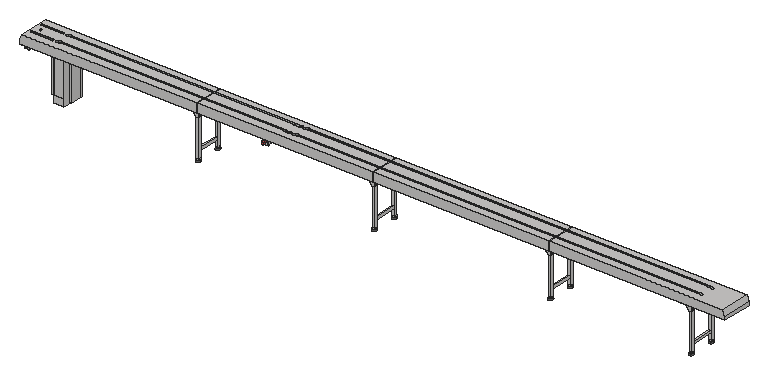
Revit family "QF_BPRO_RSPV 12,0_383735", category Sonderausstattung, Revit 2018
Family settings
  Bemaßung runder Anschluss = Durchmesser verwenden
  Teiletyp = Normal
  Arbeitsebenenbasiert = Nein
  Immer vertikal = Ja
  Beim Laden mit Abzugskörper schneiden = Nein
  Gemeinsam genutzt = Nein
  Raumberechnungspunkt = Ja
Parameters (values of type "RSPV 12,0")
  Zuleitung zum Gerät im Lieferumfang = yes
  Zubehör = yes
  Warnhinweise = ""
  URL = "https://www.bpro-solutions.com/"
  Typenkommentare = "Portionier-Rundriemenband 12 m lang"
  Tiefe = 500 mm
  Stecker System = ""
  Spannung = 400 V
  Serviceintervalle = ""
  Schalldruckpegel = "ca. 36 dB(A)"
  Modell = "RSPV 12,0"
  Material = QF_Metal-Stainless-Steel_general
  Länge Gerätebreite = 12000 mm
  Kosten = 0
  Inventarnummer [instance] = ""
  Internetadresse für Ersatzteilliste = "https://www.bpro-solutions.com/de/service/service.cfm?language=de"
  Internetadresse Gerätehersteller = "https://www.bpro-solutions.com/"
  ID [instance] = ""
  Höhe = 900 mm
  Hersteller = "B.PRO GmbH"
  Hauptschalter integriert = yes
  Großküchengerätezuordnung = yes
  Gerätegewicht Netto = 0.00 kg
  Garantiezeit = ""
  Frequenz = 50 Hz
  Freiraum [instance] = no
  Elektrische leistung = 320 W
  CE Kennzeichnung = yes
  Beschreibung durch Nutzer = ""
  Beschreibung durch Hersteller analog Leistungsverzeichnislangtext = "Abmessungen\n\nLänge: 12.000 mm\nBreite: 500 mm\nHöhe: 900 mm\n\nAusführung\n\nDas Rundriemenband ist als selbsttragende, stabile und \nverwindungsfreie Konstruktion komplett in Chromnickel-\nstahl 18/10 ausgeführt. Die Abstützung des Förderti¬sches\nbefindet sich ca. alle 2500 mm in Form von höhenverstell-\nbaren Vierkantrohrfüße 40/40 mm. Die Materialstärke des \nBandkörpers ist 1,5 mm.\nDie Bandkorpusteile sind durch Schraubstoß/Stecknaht ver-\nbunden. Der Antrieb erfolgt über zwei Trommelmotoren, die\nim Bandkorpus eingebaut sind. Die Umlenkrollen aus CNS 18/10\nwerden in einer Spannstation gehalten. Die Rundriemenführ-\nung im Unterbau ist frei zugängig und wird durch kugel-\ngelagerte Kunststoffrollen geführt. Die Rundriemen haben\neinen Durchmesser von 15 mm, Material PU, in hochverschleiß-\nfester lebensmittelbeständiger Qualität. Der Rundriemen-\nabstand zueinander ist 220 mm.\nDer Sensor-Endschalter befindet sich am Bandende. Am Band-\nanfang und am Bandende ist jeweils ein Not-Aus-Taster\nangebracht. Der Antrieb ist stufenlos regelbar von 2,5 - 12 m/min. \nDie Steuerung ist einschließlich des Motorschutzschalters in\neinem Schaltschrank aus CNS 18/10 im Unterbau eingebaut.\nDie Verdrahtung wird nach VDE-Richtlinien durchgeführt. \nIn Verbindung mit Steckdosen ist ein FI-Schutzschalter\nobligatorisch.\nEinfachste Reinigung durch Anheben der Rundriemen ist möglich.\n\nZubehör/ Optionen\n\n•\tSchukosteckdose 230V\n•\tCCE-Steckdose 230 V\n•\tCCE-Steckdose 400 V\n•\tKabelkanal (beidseitig)\n•\tzusätzlicher EIN/ AUS – Taster\n•\tFußschalter mit Trenntrafo (EIN/ AUS)\n•\tbeidseitiges Stoßschutzprofil\n•\tSchwenktisch für Patientenkarten (max. Beladung: 5 kg)\n•\tKlapptisch\n\nTechnische Daten\n\nWerkstoff:\tCNS 18/10\n\tRundriemen - PU\nAbstützung:\talle 2500 mm\nAbstand der Rundriemen:\t220 mm\nDurchmesser Rundriemen:\t15 mm\nAntriebregelung:\t2,5 – 12 m/min\nElektr. Anschluß:\t400 V/ 3NPE\nElektr. Anschluß Trommelmotor:\t230 V/50 Hz/ 0,32 kW\nNormen: Schutzart IP X5 nach DIN 40050; CE-konform; \nSteckdosen IP X4\nEmissionen: Der arbeitsplatz-bezogene Schallpegel des Geräts \nist kleiner als 70 dB(A)\n\nBesonderheit\n•\tWartungsfreier Trommelmotor\n\nFabrikat\n\nHersteller: \tB.PRO\nModell:                                 RSPV\nBest.Nr.:                               383 735"
  Beschreibung durch Hersteller analog Leistungsverzeichniskurztext = "Abmessungen\n\nLänge: 12.000 mm\nBreite: 500 mm\nHöhe: 900 mm\n\nAusführung\n\nDas Rundriemenband ist als selbsttragende, stabile und \nverwindungsfreie Konstruktion komplett in Chromnickel-\nstahl 18/10 ausgeführt. Die Abstützung des Förderti¬sches\nbefindet sich ca. alle 2500 mm in Form von höhenverstell-\nbaren Vierkantrohrfüße 40/40 mm. Die Materialstärke des \nBandkörpers ist 1,5 mm.\nDie Bandkorpusteile sind durch Schraubstoß/Stecknaht ver-\nbunden. Der Antrieb erfolgt über zwei Trommelmotoren, die\nim Bandkorpus eingebaut sind. Die Umlenkrollen aus CNS 18/10\nwerden in einer Spannstation gehalten. Die Rundriemenführ-\nung im Unterbau ist frei zugängig und wird durch kugel-\ngelagerte Kunststoffrollen geführt. Die Rundriemen haben\neinen Durchmesser von 15 mm, Material PU, in hochverschleiß-\nfester lebensmittelbeständiger Qualität. Der Rundriemen-\nabstand zueinander ist 220 mm.\nDer Sensor-Endschalter befindet sich am Bandende. Am Band-\nanfang und am Bandende ist jeweils ein Not-Aus-Taster\nangebracht. Der Antrieb ist stufenlos regelbar von 2,5 - 12 m/min. \nDie Steuerung ist einschließlich des Motorschutzschalters in\neinem Schaltschrank aus CNS 18/10 im Unterbau eingebaut.\nDie Verdrahtung wird nach VDE-Richtlinien durchgeführt. \nIn Verbindung mit Steckdosen ist ein FI-Schutzschalter\nobligatorisch.\nEinfachste Reinigung durch Anheben der Rundriemen ist möglich.\n\nZubehör/ Optionen\n\n•\tSchukosteckdose 230V\n•\tCCE-Steckdose 230 V\n•\tCCE-Steckdose 400 V\n•\tKabelkanal (beidseitig)\n•\tzusätzlicher EIN/ AUS – Taster\n•\tFußschalter mit Trenntrafo (EIN/ AUS)\n•\tbeidseitiges Stoßschutzprofil\n•\tSchwenktisch für Patientenkarten (max. Beladung: 5 kg)\n•\tKlapptisch\n\nTechnische Daten\n\nWerkstoff:\tCNS 18/10\n\tRundriemen - PU\nAbstützung:\talle 2500 mm\nAbstand der Rundriemen:\t220 mm\nDurchmesser Rundriemen:\t15 mm\nAntriebregelung:\t2,5 – 12 m/min\nElektr. Anschluß:\t400 V/ 3NPE\nElektr. Anschluß Trommelmotor:\t230 V/50 Hz/ 0,32 kW\nNormen: Schutzart IP X5 nach DIN 40050; CE-konform; \nSteckdosen IP X4\nEmissionen: Der arbeitsplatz-bezogene Schallpegel des Geräts \nist kleiner als 70 dB(A)\n\nBesonderheit\n•\tWartungsfreier Trommelmotor\n\nFabrikat\n\nHersteller: \tB.PRO\nModell:                                 RSPV\nBest.Nr.:                               383 735"
  Beschreibung = "Rundriemenband zur Tablettportionierung"
  Artikel Nummer = "383735"
Reference planes
  plane 1 "Mitte (Vorne/hinten)": y = 0
  plane 2: z = 0
  plane 3 "Vorne": x = 0
  plane 4 "Rechts": y = -250
  plane 5 "Hinten": x = 12000
  plane 6: x = 3000
  plane 7 "Mitte (Links/Rechts)": x = 6000
  plane 8: x = 9000
  plane 9 "Links": y = 250
  plane 10 "Oben": z = 900
  plane 11: z = 750
  plane 12: z = 804.6
  plane 13 "Band Links": y = 110
  plane 14 "Band Rechts": y = -110
  plane 15: x = 4500
  plane 16 "OK Führung": z = 915
  plane 17: x = 11220
  plane 18: x = 4140
  plane 19: x = 32.5
  plane 20: x = 150
  plane 21 "Knopf_Vorlauf": y = -170
  plane 22 "Knopf Rücklauf": y = -130
  plane 23: z = 852.3
  plane 24: x = 542
  plane 25: x = 4414
  plane 26: x = 4581.75
  plane 27: x = 11458.75
  plane 28 "BandrollenAchse_Höhe": z = 835.5
Forms (mm)
  Extrusion 1, solid, material "QF_Metal-Stainless-Steel_general" <- "Material"
    sketch origin (0, -122.2, 0) x (0, 0, 1) y (1, 0, 0)
      loop
        line (750, 0) -> (804.6, 0) -> (900, 30.997) -> (900, 3000) -> (750, 3000) -> (750, 0)
    from -127.8 to 372.2
  Extrusion 2, solid, material "QF_Metal-Stainless-Steel_general" <- "Material"
    sketch origin (12000, -122.2, 0) x (0, 0, 1) y (1, 0, 0)
      loop
        line (750, 0) -> (750, -3000) -> (900, -3000) -> (900, -30.997) -> (804.6, 0) -> (750, 0)
    from -127.8 to 372.2
  Extrusion 3, solid, material "QF_Metal-Stainless-Steel_general" <- "Material"
    sketch origin (0, -122.2, 0) x (0, 0, 1) y (1, 0, 0)
      loop
        line (900, 9000) -> (750, 9000) -> (750, 6000) -> (900, 6000) -> (900, 9000)
    from -127.8 to 372.2
  Extrusion 4, solid, material "QF_Metal-Stainless-Steel_general" <- "Material"
    sketch origin (0, -122.2, 0) x (0, 0, 1) y (1, 0, 0)
      loop
        line (900, 6000) -> (750, 6000) -> (750, 3000) -> (900, 3000) -> (900, 6000)
    from -127.8 to 372.2
  Extrusion 5, solid, material "QF_Metal-Stainless-Steel_general" <- "Material"
    sketch origin (205.598, 0, 0) x (1, 0, 0) y (0, 1, 0)
      loop
        line (313.602, 187.5) -> (313.602, -187.5) -> (493.602, -187.5) -> (493.602, 187.5) -> (313.602, 187.5)
    from 0 to 130
  Extrusion 6, solid, material "QF_Metal-Stainless-Steel_general" <- "Material"
    sketch origin (205.598, 0, 0) x (1, 0, 0) y (0, 1, 0)
      loop
        line (313.602, 190) -> (313.602, -190) -> (493.602, -190) -> (493.602, 190) -> (313.602, 190)
    from 130 to 730
  Extrusion 7, solid, material "QF_Metal-Stainless-Steel_general" <- "Material"
    sketch origin (205.598, 0, 0) x (1, 0, 0) y (0, 1, 0)
      loop
        line (538.202, -92.25) -> (538.202, 92.25) -> (493.602, 92.25) -> (493.602, -92.25) -> (538.202, -92.25)
    from 40 to 650
  Extrusion 8, solid, material "QF_Metal-Stainless-Steel_general" <- "Material"
    sketch origin (205.598, 0, 0) x (1, 0, 0) y (0, 1, 0)
      loop
        line (313.602, 190) -> (284.402, 190) -> (284.402, -190) -> (313.602, -190) -> (313.602, 190)
    from 130 to 730
  Extrusion 9, solid, material "QF_Metal-Stainless-Steel_general" <- "Material"
    sketch origin (205.598, 0, 0) x (1, 0, 0) y (0, 1, 0)
      loop
        line (310.102, 191.5) -> (310.102, -191.5) -> (497.102, -191.5) -> (497.102, 191.5) -> (310.102, 191.5)
    from 730 to 750
  Extrusion 10, solid, material "QF_Plastic-Black-Matt", detail levels medium+fine
    sketch origin (1500, -110, 0) x (-1, 0, 0) y (0, 0, -1)
      loop
        line (-3022.5, -900) -> (-3022.5, -905) -> (-3014.109, -915) -> (-2985.891, -915) -> (-2977.5, -905) -> (-2977.5, -900) -> (-3022.5, -900)
    from -7.5 to 7.5
  Extrusion 11, solid, material "QF_Plastic-Black-Matt", detail levels medium+fine
    sketch origin (1500, 110, 0) x (-1, 0, 0) y (0, 0, 1)
      loop
        line (-3022.5, 900) -> (-2977.5, 900) -> (-2977.5, 905) -> (-2985.891, 915) -> (-3014.109, 915) -> (-3022.5, 905) -> (-3022.5, 900)
    from -7.5 to 7.5
  Extrusion 12, solid, material "QF_Plastic-Black-Matt", detail levels medium+fine
    sketch origin (0, 110, 0) x (-1, 0, 0) y (0, 0, 1)
      loop
        line (-68.7, 900) -> (-68.7, 905) -> (-78.7, 915) -> (-443.7, 915) -> (-453.7, 905) -> (-453.7, 900) -> (-68.7, 900)
    from -7.5 to 7.5
  Extrusion 13, solid, material "QF_Plastic-Black-Matt", detail levels medium+fine
    sketch origin (0, -110, 0) x (-1, 0, 0) y (0, 0, -1)
      loop
        line (-68.7, -900) -> (-453.7, -900) -> (-453.7, -905) -> (-443.7, -915) -> (-78.7, -915) -> (-68.7, -905) -> (-68.7, -900)
    from -7.5 to 7.5
  Revolve 14, solid, material "QF_Plastic-Black-Matt", detail levels fine
    sketch origin (0, 0, 0) x (1, 0, 0) y (0, 0, 1)
      loop
        line (150, 900) -> (150, 909.5) -> (141.75, 909.5) -> (141.75, 906.975) -> (144, 906.975) -> (144, 900) -> (150, 900)
      axis (150, 909.5) -> (150, 900)
    angle from 0 to 360
  Revolve 15, solid, material "QF_Plastic-Black-Matt", detail levels fine
    sketch origin (0, -170, 0) x (1, 0, 0) y (0, 0, 1)
      loop
        line (15.499, 852.3) -> (20.597, 867.992) -> (19.646, 868.301) -> (14.548, 852.609) -> (15.499, 852.3)
      axis (15.499, 852.3) -> (14.548, 852.609)
    angle from 0 to 360
  Revolve 16, solid, material "QF_Plastic-Black-Matt", detail levels fine
    sketch origin (0, -130, 0) x (1, 0, 0) y (0, 0, 1)
      loop
        line (15.499, 852.3) -> (19.207, 863.713) -> (18.256, 864.022) -> (14.548, 852.609) -> (15.499, 852.3)
      axis (15.499, 852.3) -> (14.548, 852.609)
    angle from 0 to 360
  Extrusion 17, solid, material "QF_Metal-Stainless-Steel_general", detail levels medium+fine
    sketch origin (0, 110, 0) x (-1, 0, 0) y (0, 0, 1)
      loop
        circle (-542, 835.5) r 67.5
    from -5 to 5
  Extrusion 18, solid, material "QF_Metal-Stainless-Steel_general", detail levels medium+fine
    sketch origin (0, 110, 0) x (-1, 0, 0) y (0, 0, 1)
      loop
        circle (-4414, 835.5) r 67.5
    from -5 to 5
  Extrusion 19, solid, material "QF_Metal-Stainless-Steel_general", detail levels medium+fine
    sketch origin (0, 110, 0) x (-1, 0, 0) y (0, 0, 1)
      loop
        circle (-4581.75, 835.5) r 67.5
    from -5 to 5
  Extrusion 20, solid, material "QF_Metal-Stainless-Steel_general", detail levels medium+fine
    sketch origin (0, 110, 0) x (-1, 0, 0) y (0, 0, 1)
      loop
        circle (-11458.75, 835.5) r 67.5
    from -5 to 5
  Extrusion 21, solid, material "QF_Metal-Stainless-Steel_general", detail levels medium+fine
    sketch origin (0, -110, 0) x (-1, 0, 0) y (0, 0, -1)
      loop
        circle (-542, -835.5) r 67.5
    from -5 to 5
  Extrusion 22, solid, material "QF_Metal-Stainless-Steel_general", detail levels medium+fine
    sketch origin (0, -110, 0) x (-1, 0, 0) y (0, 0, -1)
      loop
        circle (-4414, -835.5) r 67.5
    from -5 to 5
  Extrusion 23, solid, material "QF_Metal-Stainless-Steel_general", detail levels medium+fine
    sketch origin (0, -110, 0) x (-1, 0, 0) y (0, 0, -1)
      loop
        circle (-4581.75, -835.5) r 67.5
    from -5 to 5
  Extrusion 24, solid, material "QF_Metal-Stainless-Steel_general", detail levels medium+fine
    sketch origin (0, -110, 0) x (-1, 0, 0) y (0, 0, -1)
      loop
        circle (-11458.75, -835.5) r 67.5
    from -5 to 5
  Sweep 25, solid, material "QF_Rubber-Grey", detail levels medium+fine
    path origin (0, -110, 0) x (-1, 0, 0) y (0, 0, 1)
      loop
        line (-542, 903) -> (-4414, 903)
        arc (-4414, 903) -> (-4481.5, 835.5) -> (-4414, 768) r 67.5
        line (-4414, 768) -> (-542, 768)
        arc (-542, 768) -> (-474.5, 835.5) -> (-542, 903) r 67.5
    profile origin (2478, -110, 903) x (0, 0, 1) y (0, -1, 0)
      loop
        circle (7.5, 0) r 7.5
  Sweep 26, solid, material "QF_Rubber-Grey", detail levels medium+fine
    path origin (0, -110, 0) x (-1, 0, 0) y (0, 0, 1)
      loop
        line (-4581.75, 903) -> (-11458.75, 903)
        arc (-11458.75, 903) -> (-11526.25, 835.5) -> (-11458.75, 768) r 67.5
        line (-11458.75, 768) -> (-4581.75, 768)
        arc (-4581.75, 768) -> (-4514.25, 835.5) -> (-4581.75, 903) r 67.5
    profile origin (8020.25, -110, 903) x (0, 0, 1) y (0, -1, 0)
      loop
        circle (7.5, 0) r 7.5
  Sweep 27, solid, material "QF_Rubber-Grey", detail levels medium+fine
    path origin (0, 110, 0) x (-1, 0, 0) y (0, 0, 1)
      loop
        line (-4581.75, 903) -> (-11458.75, 903)
        arc (-11458.75, 903) -> (-11526.25, 835.5) -> (-11458.75, 768) r 67.5
        line (-11458.75, 768) -> (-4581.75, 768)
        arc (-4581.75, 768) -> (-4514.25, 835.5) -> (-4581.75, 903) r 67.5
    profile origin (8020.25, 110, 903) x (0, 0, -1) y (0, 1, 0)
      loop
        circle (-7.5, 0) r 7.5
  Sweep 28, solid, material "QF_Rubber-Grey", detail levels medium+fine
    path origin (0, 110, 0) x (-1, 0, 0) y (0, 0, 1)
      loop
        line (-542, 903) -> (-4414, 903)
        arc (-4414, 903) -> (-4481.5, 835.5) -> (-4414, 768) r 67.5
        line (-4414, 768) -> (-542, 768)
        arc (-542, 768) -> (-474.5, 835.5) -> (-542, 903) r 67.5
    profile origin (2478, 110, 903) x (0, 0, -1) y (0, 1, 0)
      loop
        circle (-7.5, 0) r 7.5
  Extrusion 29, solid, visible <- "Freiraum"
    sketch origin (0, 0, 0) x (1, 0, 0) y (0, 1, 0)
      loop
        line (-22.5, 250) -> (-22.5, -250) -> (12000, -250) -> (12000, 250) -> (-22.5, 250)
    from 0 to 915
Cuts and joins
  joined: Extrusion 5, Extrusion 6, Extrusion 7, Extrusion 9
Dimensions and locks
  plane 5 "Hinten" to plane 3 "Vorne" = 12000 mm
  equal spacing: plane 3 "Vorne", plane 6, plane 7 "Mitte (Links/Rechts)", plane 8, plane 5 "Hinten"
  equal spacing: plane 4 "Rechts", plane 1 "Mitte (Vorne/hinten)", plane 9 "Links"
  plane 4 "Rechts" to plane 9 "Links" = 500 mm
  plane 10 "Oben" to level = 900 mm
  locked: plane 12 to plane 11 at 54.6
  locked: plane 10 "Oben" to plane 11 at 150
  locked: nested 1 to plane 5 "Hinten" at 600
  locked: plane 6 to plane 15 at 1500
  locked: plane 5 "Hinten" to plane 17 at 780
  locked: plane 18 to plane 6 at 1140
  locked: plane 19 to plane 3 "Vorne" at 32.5
  locked: nested 7 to plane 4 "Rechts" at 91
  locked: plane 3 "Vorne" to plane 20 at 150
  plane 22 "Knopf Rücklauf" to plane 21 "Knopf_Vorlauf" to plane 4 "Rechts" = 40 mm locked, 80 mm locked
  equal spacing: plane 10 "Oben", plane 23, plane 12
  locked: level to nested 8 at 607.5
  locked: nested 9 to level at 507.5
  plane 5 "Hinten" to plane 27 to plane 26 to plane 25 to plane 24 to plane 3 "Vorne" = 541.25 mm, 6877 mm, 167.75 mm, 3872 mm, 542 mm
  locked: plane 28 "BandrollenAchse_Höhe" to plane 11 at 85.5
  angle Extrusion 1 sketch curve to plane 3 "Vorne" = 18.00°
  aligned and locked: level to plane 2
  aligned and locked: Extrusion 1 sketch curve to plane 10 "Oben"
  aligned and locked: Extrusion 1 sketch curve to plane 11
  aligned and locked: Extrusion 1 sketch curve to plane 6
  aligned and locked: plane 3 "Vorne" to Extrusion 1 sketch curve
  aligned and locked: plane 12 to Extrusion 1 sketch curve
  aligned and locked: plane 5 "Hinten" to Extrusion 2 sketch curve
  aligned and locked: plane 12 to Extrusion 2 sketch curve
  aligned and locked: plane 11 to Extrusion 2 sketch curve
  aligned and locked: plane 10 "Oben" to Extrusion 2 sketch curve
  aligned and locked: Extrusion 2 sketch curve to plane 8
  aligned and locked: Extrusion 3 sketch curve to plane 8
  aligned and locked: plane 11 to Extrusion 3 sketch curve
  aligned and locked: plane 7 "Mitte (Links/Rechts)" to Extrusion 3 sketch curve
  aligned and locked: plane 10 "Oben" to Extrusion 3 sketch curve
  aligned and locked: Extrusion 4 sketch curve to plane 10 "Oben"
  aligned and locked: plane 11 to Extrusion 4 sketch curve
  aligned and locked: Extrusion 4 sketch curve to plane 6
  aligned and locked: plane 7 "Mitte (Links/Rechts)" to Extrusion 4 sketch curve
  aligned and locked: Extrusion 2 to plane 4 "Rechts"
  aligned and locked: Extrusion 3 to plane 4 "Rechts"
  aligned and locked: Extrusion 4 to plane 4 "Rechts"
  aligned and locked: Extrusion 1 to plane 4 "Rechts"
  aligned and locked: Extrusion 2 to plane 9 "Links"
  aligned and locked: Extrusion 3 to plane 9 "Links"
  aligned and locked: Extrusion 4 to plane 9 "Links"
  aligned and locked: Extrusion 1 to plane 9 "Links"
  aligned and locked: plane 1 "Mitte (Vorne/hinten)" to nested 1
  aligned and locked: plane 18 to nested 5
  aligned and locked: plane 1 "Mitte (Vorne/hinten)" to nested 5
  aligned and locked: plane 1 "Mitte (Vorne/hinten)" to nested 6
  aligned and locked: nested 6 to plane 17
  aligned and locked: plane 11 to nested 7
  aligned and locked: nested 7 to plane 19
  aligned and locked: plane 1 "Mitte (Vorne/hinten)" to nested 8
  aligned and locked: plane 1 "Mitte (Vorne/hinten)" to nested 9
  aligned and locked: Extrusion 29 sketch curve to plane 5 "Hinten"
  aligned and locked: Extrusion 29 sketch curve to nested 7
  aligned and locked: plane 4 "Rechts" to Extrusion 29 sketch curve
  aligned and locked: plane 9 "Links" to Extrusion 29 sketch curve
  aligned and locked: plane 16 "OK Führung" to Extrusion 29
Automatic sketch dimensions
  Extrusion 2 sketch curve to plane 5 "Hinten" = 30.997 mm
  Extrusion 7 sketch curve to plane 14 "Band Rechts" = 17.75 mm
  plane 3 "Vorne" to Extrusion 7 sketch curve = 699.2 mm
  Extrusion 7 sketch curve to plane 13 "Band Links" = 17.75 mm
  Extrusion 7 sketch curve to Extrusion 7 sketch curve = 44.6 mm
  Extrusion 11 sketch curve to plane 10 "Oben" = 0 mm
  plane 10 "Oben" to Extrusion 11 sketch curve = 5 mm
  plane 6 to Extrusion 11 sketch curve = 1522.5 mm
  Extrusion 11 sketch curve to Extrusion 11 sketch curve = 8.391 mm  (x2)
  plane 6 to Extrusion 11 sketch curve = 1485.891 mm
  Extrusion 11 sketch curve to Extrusion 11 sketch curve = 5 mm
  Extrusion 11 sketch curve to Extrusion 11 sketch curve = 10 mm
  Extrusion 10 sketch curve to plane 10 "Oben" = 0 mm
  Extrusion 10 sketch curve to plane 10 "Oben" = 5 mm
  Extrusion 10 sketch curve to plane 6 = 1522.5 mm
  Extrusion 10 sketch curve to Extrusion 10 sketch curve = 8.391 mm  (x2)
  Extrusion 10 sketch curve to plane 6 = 1485.891 mm
  Extrusion 10 sketch curve to Extrusion 10 sketch curve = 5 mm
  Extrusion 10 sketch curve to Extrusion 10 sketch curve = 10 mm
  plane 4 "Rechts" to Extrusion 5 sketch curve = 62.5 mm
  plane 3 "Vorne" to Extrusion 5 sketch curve = 519.2 mm
  Extrusion 5 sketch curve to Extrusion 5 sketch curve = 180 mm
  plane 9 "Links" to Extrusion 5 sketch curve = 62.5 mm
  plane 4 "Rechts" to Extrusion 6 sketch curve = 60 mm
  plane 3 "Vorne" to Extrusion 6 sketch curve = 519.2 mm
  Extrusion 6 sketch curve to Extrusion 6 sketch curve = 180 mm
  plane 9 "Links" to Extrusion 6 sketch curve = 60 mm
  plane 9 "Links" to Extrusion 8 sketch curve = 60 mm
  plane 3 "Vorne" to Extrusion 8 sketch curve = 490 mm
  Extrusion 8 sketch curve to Extrusion 8 sketch curve = 29.2 mm
  plane 4 "Rechts" to Extrusion 8 sketch curve = 60 mm
  plane 4 "Rechts" to Extrusion 9 sketch curve = 58.5 mm
  plane 3 "Vorne" to Extrusion 9 sketch curve = 515.7 mm
  Extrusion 9 sketch curve to Extrusion 9 sketch curve = 187 mm
  plane 9 "Links" to Extrusion 9 sketch curve = 58.5 mm
  Extrusion 12 sketch curve to plane 10 "Oben" = 0 mm
  Extrusion 12 sketch curve to plane 16 "OK Führung" = 0 mm
  plane 10 "Oben" to Extrusion 12 sketch curve = 5 mm  (x2)
  plane 3 "Vorne" to Extrusion 12 sketch curve = 78.7 mm
  Extrusion 12 sketch curve to Extrusion 12 sketch curve = 10 mm  (x2)
  Extrusion 12 sketch curve to Extrusion 12 sketch curve = 365 mm
  Extrusion 13 sketch curve to plane 10 "Oben" = 0 mm
  Extrusion 13 sketch curve to plane 16 "OK Führung" = 0 mm
  Extrusion 13 sketch curve to plane 3 "Vorne" = 453.7 mm
  Extrusion 13 sketch curve to Extrusion 13 sketch curve = 10 mm  (x2)
  Extrusion 13 sketch curve to plane 3 "Vorne" = 78.7 mm
  Extrusion 13 sketch curve to plane 10 "Oben" = 5 mm
  Extrusion 13 sketch curve to Extrusion 13 sketch curve = 5 mm
  Revolve 14 sketch curve to plane 10 "Oben" = 0 mm
  Revolve 14 sketch curve to plane 20 = 0 mm  (x2)
  Revolve 14 sketch curve to plane 20 = 6 mm
  Revolve 14 sketch curve to Revolve 14 sketch curve = 2.25 mm
  plane 10 "Oben" to Revolve 14 sketch curve = 6.975 mm
  Revolve 14 sketch curve to plane 16 "OK Führung" = 5.5 mm
  Revolve 14 sketch curve to Revolve 14 sketch curve = 3.723 mm
  Revolve 14 sketch curve to Revolve 14 sketch curve = 1.777 mm
  Revolve 15 sketch curve to plane 23 = 0 mm  (x2)
  plane 23 to Revolve 15 sketch curve = 0.309 mm
  plane 3 "Vorne" to Revolve 15 sketch curve = 14.548 mm
  Revolve 15 sketch curve to Revolve 15 sketch curve = 0.951 mm
  Revolve 15 sketch curve to plane 19 = 12.854 mm
  plane 23 to Revolve 15 sketch curve = 1.545 mm
  Revolve 15 sketch curve to Revolve 15 sketch curve = 3.804 mm
  Revolve 15 sketch curve to Revolve 15 sketch curve = 0 mm
  Revolve 16 sketch curve to plane 23 = 0 mm  (x2)
  plane 23 to Revolve 16 sketch curve = 0.309 mm
  plane 3 "Vorne" to Revolve 16 sketch curve = 14.548 mm
  Revolve 16 sketch curve to Revolve 16 sketch curve = 0.951 mm
  plane 23 to Revolve 16 sketch curve = 11.722 mm
  plane 23 to Revolve 16 sketch curve = 0.872 mm
  Revolve 16 sketch curve to Revolve 16 sketch curve = 1.733 mm
  Revolve 16 sketch curve to Revolve 16 sketch curve = 0 mm
  Extrusion 17 sketch curve to plane 24 = 0 mm
  Extrusion 17 sketch curve to plane 28 "BandrollenAchse_Höhe" = 0 mm
  Extrusion 18 sketch curve to plane 25 = 0 mm
  Extrusion 18 sketch curve to plane 28 "BandrollenAchse_Höhe" = 0 mm
  Extrusion 19 sketch curve to plane 26 = 0 mm
  Extrusion 19 sketch curve to plane 28 "BandrollenAchse_Höhe" = 0 mm
  Extrusion 20 sketch curve to plane 27 = 0 mm
  Extrusion 20 sketch curve to plane 28 "BandrollenAchse_Höhe" = 0 mm
  Extrusion 21 sketch curve to plane 24 = 0 mm
  Extrusion 21 sketch curve to plane 28 "BandrollenAchse_Höhe" = 0 mm
  Extrusion 22 sketch curve to plane 25 = 0 mm
  Extrusion 22 sketch curve to plane 28 "BandrollenAchse_Höhe" = 0 mm
  Extrusion 23 sketch curve to plane 26 = 0 mm
  Extrusion 23 sketch curve to plane 28 "BandrollenAchse_Höhe" = 0 mm
  Extrusion 24 sketch curve to plane 27 = 0 mm
  Extrusion 24 sketch curve to plane 28 "BandrollenAchse_Höhe" = 0 mm
  Sweep 25 sketch curve to plane 25 = 0 mm
  Sweep 25 sketch curve to plane 24 = 0 mm
  Sweep 25 sketch curve to plane 28 "BandrollenAchse_Höhe" = 0 mm
  Sweep 25 sketch curve to plane 11 = 18 mm
  Sweep 25 sketch curve to plane 14 "Band Rechts" = 0 mm
  Sweep 25 sketch curve to profile plane = 7.5 mm
  Sweep 26 sketch curve to plane 27 = 0 mm
  Sweep 26 sketch curve to plane 26 = 0 mm
  Sweep 26 sketch curve to plane 28 "BandrollenAchse_Höhe" = 0 mm
  Sweep 26 sketch curve to plane 11 = 18 mm
  Sweep 26 sketch curve to plane 14 "Band Rechts" = 0 mm
  Sweep 26 sketch curve to profile plane = 7.5 mm
  Sweep 27 sketch curve to plane 27 = 0 mm
  Sweep 27 sketch curve to plane 26 = 0 mm
  Sweep 27 sketch curve to plane 28 "BandrollenAchse_Höhe" = 0 mm
  plane 11 to Sweep 27 sketch curve = 18 mm
  Sweep 27 sketch curve to plane 13 "Band Links" = 0 mm
  profile plane to Sweep 27 sketch curve = 7.5 mm
  Sweep 28 sketch curve to plane 25 = 0 mm
  Sweep 28 sketch curve to plane 24 = 0 mm
  Sweep 28 sketch curve to plane 28 "BandrollenAchse_Höhe" = 0 mm
  plane 11 to Sweep 28 sketch curve = 18 mm
  Sweep 28 sketch curve to plane 13 "Band Links" = 0 mm
  profile plane to Sweep 28 sketch curve = 7.5 mm
  radius of Extrusion 17 sketch curve = 67.5 mm
  radius of Extrusion 18 sketch curve = 67.5 mm
  radius of Extrusion 19 sketch curve = 67.5 mm
  radius of Extrusion 20 sketch curve = 67.5 mm
  radius of Extrusion 21 sketch curve = 67.5 mm
  radius of Extrusion 22 sketch curve = 67.5 mm
  radius of Extrusion 23 sketch curve = 67.5 mm
  radius of Extrusion 24 sketch curve = 67.5 mm
  radius of Sweep 25 sketch curve = 7.5 mm
  radius of Sweep 26 sketch curve = 7.5 mm
  radius of Sweep 27 sketch curve = 7.5 mm
  radius of Sweep 28 sketch curve = 7.5 mm
Nested families
  nested 1: "Beine" at (11400, 0, 0), type "Standard"
  nested 2: "Beine" at (9000, 0, 0), type "Standard"
  nested 3: "Beine" at (6000, 0, 0), type "Standard"
  nested 4: "Beine" at (3000, 0, 0), type "Standard"
  nested 5: "NotAus" at (4140, 0, 750), type "Typ1"
  nested 6: "NotAus" at (11220, 0, 750), type "Typ1"
  nested 7: "NotAus" at (237.5, -159, 762.5) x (0, -1, 0) z (0, 0, 1), type "Typ2"
  nested 8: "Drehknopf" at (490, 0, 607.5) x (0, -1, 0) z (-1, 0, 0), type "Typ1", detail levels fine
  nested 9: "Drehknopf_Potentionmeter" at (490, 0, 507.5) x (0, -1, 0) z (-1, 0, 0), type "Typ1", detail levels fine
Connectors
  electrical at (743.8, 0, 345), driven by "Spannung", driven by "Elektrische leistung"
    settings: on cut or joined group of Extrusion 5, Extrusion 6, Extrusion 7, Extrusion 9, index 1, voltage 400 V, apparent load 0 VA, apparent load phase1 320 VA, apparent load phase2 0 VA, apparent load phase3 0 VA, power factor 1, load classification "Sonstige", number of poles 1, system type 31, power factor state 1, is connector primary yes, connector utility no, sub classification motor no, connector description ""
Definition of nested family "Beine"
  Parameters (values of type "Standard")
    Material = none
  Reference planes
    plane 1 "Mitte (Vorne/hinten)": y = 0
    plane 2: z = 0
    plane 3 "Mitte (Links/rechts)": x = 0
    plane 4: z = 12
    plane 5: z = 30.5
    plane 6: z = 35.5
    plane 7: z = 747.5
    plane 8: z = 668
    plane 9: y = -230
    plane 10: y = 230
    plane 11: z = 190
  Forms (mm)
    Extrusion 1, solid, material <- "Material", detail levels fine
      sketch origin (0, -210, 0) x (1, 0, 0) y (0, 1, 0)
        loop
          line (-20.25, 20.25) -> (-20.25, -20.25) -> (20.25, -20.25) -> (20.25, 20.25) -> (-20.25, 20.25)
      from 30.5 to 35.5
    Extrusion 2, solid, material <- "Material", detail levels fine
      sketch origin (0, -210, 0) x (1, 0, 0) y (0, 1, 0)
        loop
          line (-20, 20) -> (-20, -20) -> (20, -20) -> (20, 20) -> (-20, 20)
      from 35.5 to 747.5
    Revolve 3, solid, detail levels fine
      sketch origin (0, -210, 0) x (1, 0, 0) y (0, 0, 1)
        loop
          line (0, 0) -> (0, 30.5) -> (-10, 30.5) -> (-10, 12) -> (-33, 12) -> (-37, 0) -> (0, 0)
        axis (0, 30.5) -> (0, 0)
      angle from 0 to 360
    Extrusion 4, solid, material <- "Material", detail levels fine
      sketch origin (0, -210, 0) x (1, 0, 0) y (0, 0, 1)
        loop
          line (75, 750) -> (-75, 750) -> (-75, 747.5) -> (-20, 668) -> (20, 668) -> (75, 747.5) -> (75, 750)
      from 20 to 22.5
    Extrusion 5, solid, material <- "Material", detail levels fine
      sketch origin (0, -210, 0) x (1, 0, 0) y (0, 0, 1)
        loop
          line (-75, 750) -> (-75, 747.5) -> (75, 747.5) -> (75, 750) -> (-75, 750)
      from -20 to 22.5
    Extrusion 6, solid, material <- "Material", detail levels fine
      sketch origin (0, 210, 0) x (1, 0, 0) y (0, 1, 0)
        loop
          line (-20.25, -20.25) -> (20.25, -20.25) -> (20.25, 20.25) -> (-20.25, 20.25) -> (-20.25, -20.25)
      from 30.5 to 35.5
    Extrusion 7, solid, material <- "Material", detail levels fine
      sketch origin (0, 210, 0) x (1, 0, 0) y (0, 1, 0)
        loop
          line (-20, -20) -> (20, -20) -> (20, 20) -> (-20, 20) -> (-20, -20)
      from 35.5 to 747.5
    Revolve 8, solid, detail levels fine
      sketch origin (0, 210, 0) x (1, 0, 0) y (0, 0, -1)
        loop
          line (0, 0) -> (-37, 0) -> (-33, -12) -> (-10, -12) -> (-10, -30.5) -> (0, -30.5) -> (0, 0)
        axis (0, -30.5) -> (0, 0)
      angle from 0 to 360
    Extrusion 9, solid, material <- "Material", detail levels fine
      sketch origin (0, 210, 0) x (1, 0, 0) y (0, 0, -1)
        loop
          line (75, -750) -> (75, -747.5) -> (20, -668) -> (-20, -668) -> (-75, -747.5) -> (-75, -750) -> (75, -750)
      from 20 to 22.5
    Extrusion 10, solid, material <- "Material", detail levels fine
      sketch origin (0, 210, 0) x (1, 0, 0) y (0, 0, -1)
        loop
          line (-75, -750) -> (75, -750) -> (75, -747.5) -> (-75, -747.5) -> (-75, -750)
      from -20 to 22.5
    Extrusion 11, solid, material <- "Material"
      sketch origin (0, 0, 0) x (1, 0, 0) y (0, 0, 1)
        loop
          line (-17.5, 190) -> (-17.5, 155) -> (17.5, 155) -> (17.5, 190) -> (-17.5, 190)
      from -190 to 190
    Extrusion 12, solid, material <- "Material", detail levels coarse+medium
      sketch origin (0, -210, 0) x (1, 0, 0) y (0, 1, 0)
        loop
          line (-20, 20) -> (-20, -20) -> (20, -20) -> (20, 20) -> (-20, 20)
      from 0 to 747.5
    Extrusion 13, solid, material <- "Material", detail levels coarse+medium
      sketch origin (0, 210, 0) x (1, 0, 0) y (0, 1, 0)
        loop
          line (-20, -20) -> (20, -20) -> (20, 20) -> (-20, 20) -> (-20, -20)
      from 0 to 747.5
  Cuts and joins
    joined: Extrusion 1, Extrusion 4, Extrusion 5, Extrusion 6, Extrusion 9, Extrusion 10
  Dimensions and locks
    plane 9 to plane 1 "Mitte (Vorne/hinten)" to plane 10 = 230 mm, 230 mm
    plane 11 to level = 190 mm
    aligned and locked: level to plane 2
    aligned and locked: Extrusion 12 to level
    aligned and locked: Extrusion 13 to level
Definition of nested family "NotAus"
  Parameters (values of type "Typ1")
    Material = none
    Halterung2 = no
    Halterung1 = yes
  Types (2, lengths in mm): name | Halterung2 | Halterung1
    Typ2 | yes | no
    Typ1 | no | yes
  Reference planes
    plane 1 "Mitte (Vorne/hinten)": y = 0
    plane 2: z = 0
    plane 3 "Mitte (Links/rechts)": x = 0
    plane 4: z = -12.5
  Forms (mm)
    Extrusion 1, solid, material <- "Material", visible <- "Halterung1", detail levels fine
      sketch origin (51.5, 0, 0) x (1, 0, 0) y (0, 0, 1)
        loop
          line (0, 0) -> (-103, 0) -> (-103, -1.5) -> (0, -1.5) -> (0, 0)
      from -235 to 235
    Extrusion 2, solid, material <- "Material", visible <- "Halterung1", detail levels fine
      sketch origin (0, 0, 0) x (0, 1, 0) y (0, 0, 1)
        loop
          line (-186.715, -14) -> (186.715, -14) -> (233.366, -1.5) -> (-233.366, -1.5) -> (-186.715, -14)
      from -51.5 to -50
    Extrusion 3, solid, material <- "Material", visible <- "Halterung1", detail levels fine
      sketch origin (0, 0, 0) x (0, 1, 0) y (0, 0, -1)
        loop
          line (-186.715, 14) -> (-233.366, 1.5) -> (233.366, 1.5) -> (186.715, 14) -> (-186.715, 14)
      from -51.5 to -50
    Extrusion 4, solid, material <- "Material", detail levels medium+fine
      sketch origin (0, 0, 0) x (1, 0, 0) y (0, 0, 1)
        loop
          line (-37.5, -14) -> (-40, -16.5) -> (-40, -91.5) -> (-37.5, -94) -> (37.5, -94) -> (40, -91.5) -> (40, -16.5) -> (37.5, -14) -> (-37.5, -14)
      from 123.5 to 203.5
    Extrusion 5, void
      sketch origin (0, 0, 0) x (0, 1, 0) y (0, 0, 1)
        loop
          line (-190, -106.5) -> (-134, -106.5) -> (-134, -16.5) -> (-190, -106.5)
      from -51.5 to 51.5
    Extrusion 6, solid, material <- "Material", visible <- "Halterung1", detail levels fine
      sketch origin (0, 0, 0) x (1, 0, 0) y (0, 0, 1)
        loop
          line (-50, -106.5) -> (50, -106.5) -> (50, -1.5) -> (-50, -1.5) -> (-50, -106.5)
        loop
          line (-48.5, -105) -> (48.5, -105) -> (48.5, -3) -> (-48.5, -3) -> (-48.5, -105)
      from 134 to 205
    Extrusion 7, solid, material <- "Material", visible <- "Halterung1", detail levels fine
      sketch origin (0, 0, 0) x (1, 0, 0) y (0, 0, 1)
        loop
          line (-50, -1.5) -> (-50, -106.5) -> (50, -106.5) -> (50, -1.5) -> (-50, -1.5)
      from 203.5 to 205
    Revolve 8, solid, detail levels fine
      sketch origin (0, 0, 0) x (0, 1, 0) y (0, 0, 1)
        loop
          line (-260, -31) -> (-260, -54) -> (-203.5, -54) -> (-203.5, -39) -> (-210, -39) -> (-210, -42) -> (-220, -42) -> (-220, -39) -> (-255, -36) -> (-255, -31) -> (-260, -31)
        axis (-203.5, -54) -> (-260, -54)
      angle from 0 to 360
    Extrusion 9, solid, material <- "Material", visible <- "Halterung2", detail levels fine
      sketch origin (0, 0, 0) x (0, 1, 0) y (0, 0, 1)
        loop
          line (-134, -12.5) -> (-205, -12.5) -> (-205, -92.5) -> (-203.5, -92.5) -> (-203.5, -14) -> (-134, -14) -> (-134, -12.5)
      from -50 to 50
    Extrusion 10, void
      sketch origin (0, 0, 0) x (1, 0, 0) y (0, 0, 1)
        loop
          line (-50, -19) -> (-50, -92.5) -> (-41.5, -92.5) -> (-50, -19)
        loop
          line (50, -19) -> (41.5, -92.5) -> (50, -92.5) -> (50, -19)
      from 123.5 to 205
  Cuts and joins
    Extrusion 5 cuts Extrusion 6
    joined: Extrusion 1, Extrusion 2, Extrusion 3, Extrusion 6, Extrusion 7
    Extrusion 10 cuts Extrusion 9
  Dimensions and locks
    angle Extrusion 2 sketch curve to Extrusion 2 sketch curve = 15.00°
    angle Extrusion 3 sketch curve to Extrusion 3 sketch curve = 15.00°
    aligned and locked: level to plane 2
Definition of nested family "Drehknopf"
  Parameters (values of type "Familie2")
    Default Elevation = 1219.2 mm
  Reference planes
    plane 1 "Mitte (Vorne/hinten)": y = 0
    plane 2: z = 0
    plane 3 "Mitte (Links/rechts)": x = 0
  Forms (mm)
    Extrusion 1, solid
      sketch origin (0, 0, 0) x (1, 0, 0) y (0, 1, 0)
        loop
          line (-1219.2, 1219.2) -> (-1219.2, -1219.2) -> (1219.2, -1219.2) -> (1219.2, 1219.2) -> (-1219.2, 1219.2)
      from 0 to -304.8
    Blend 2, solid
      base sketch origin (0, 0, 0) x (1, 0, 0) y (0, 1, 0)
        loop
          line (-33, 33) -> (-33, -33) -> (33, -33) -> (33, 33) -> (-33, 33)
      top sketch origin (0, 0, 0) x (1, 0, 0) y (0, 1, 0)
        loop
          line (-28, 28) -> (-28, -28) -> (28, -28) -> (28, 28) -> (-28, 28)
      from 0 to 7
    Extrusion 3, solid
      sketch origin (0, 0, -6.5) x (0, 1, 0) y (0, 0, 1)
        loop
          line (-15, 13.5) -> (15, 13.5) -> (15, 23.5) -> (3.6, 34.9) -> (-15, 34.9) -> (-15, 13.5)
      from -7 to 7
  Dimensions and locks
    aligned and locked: plane 2 to Extrusion 1
    aligned and locked: level to Extrusion 1
Definition of nested family "Drehknopf_Potentionmeter"
  Parameters (values of type "Typ1")
    Default Elevation = 1219.2 mm
  Reference planes
    plane 1 "Mitte (Vorne/hinten)": y = 0
    plane 2: z = 0
    plane 3 "Mitte (Links/rechts)": x = 0
  Forms (mm)
    Extrusion 1, solid
      sketch origin (0, 0, 0) x (1, 0, 0) y (0, 1, 0)
        loop
          line (-1219.2, 1219.2) -> (-1219.2, -1219.2) -> (1219.2, -1219.2) -> (1219.2, 1219.2) -> (-1219.2, 1219.2)
      from 0 to -304.8
    Revolve 2, solid
      sketch origin (0, 0, 0) x (1, 0, 0) y (0, 0, 1)
        loop
          line (0, 0) -> (0, 27.2) -> (-4.5, 27.2) -> (-5.75, 12.2) -> (-2, 12.2) -> (-2, 6.2) -> (-15, 6.2) -> (-15, 0) -> (0, 0)
        axis (0, 27.2) -> (0, 0)
      angle from 0 to 360
  Dimensions and locks
    aligned and locked: plane 2 to Extrusion 1
    aligned and locked: level to Extrusion 1
